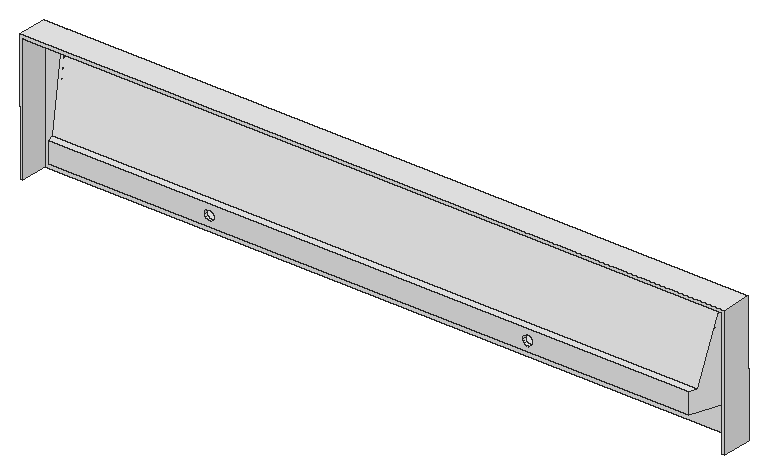
Revit family "xLavatory-Four_Station-Sloan-Designer_Weir_Series-DSWD-84000", category Plumbing Fixtures, host Face, Revit 2014 (continued)
Definition of nested family "Stainless Steel Basin Grate"
  Lines and regions (in)
    model lines, detail levels fine
      curve 393: line (-18.60117, -1.25, 0) -> (-18.60117, 1.25, 0)
      curve 394: line (-18.78867, -1.25, 0) -> (-18.78867, 1.25, 0)
      curve 395: line (-18.97617, -1.25, 0) -> (-18.97617, 1.25, 0)
      curve 396: line (-19.16367, -1.25, 0) -> (-19.16367, 1.25, 0)
      curve 397: line (-19.35117, -1.25, 0) -> (-19.35117, 1.25, 0)
      curve 398: line (-19.53867, -1.25, 0) -> (-19.53867, 1.25, 0)
      curve 399: line (-19.72617, -1.25, 0) -> (-19.72617, 1.25, 0)
      curve 400: line (-19.91367, -1.25, 0) -> (-19.91367, 1.25, 0)
      curve 401: line (-20.10117, -1.25, 0) -> (-20.10117, 1.25, 0)
      curve 402: line (-20.28867, -1.25, 0) -> (-20.28867, 1.25, 0)
      curve 403: line (-20.47617, -1.25, 0) -> (-20.47617, 1.25, 0)
      curve 404: line (-20.66367, -1.25, 0) -> (-20.66367, 1.25, 0)
      curve 405: line (-20.85117, -1.25, 0) -> (-20.85117, 1.25, 0)
      curve 406: line (-21.03867, -1.25, 0) -> (-21.03867, 1.25, 0)
      curve 407: line (-21.22617, -1.25, 0) -> (-21.22617, 1.25, 0)
      curve 408: line (-21.41367, -1.25, 0) -> (-21.41367, 1.25, 0)
      curve 409: line (-21.60117, -1.25, 0) -> (-21.60117, 1.25, 0)
      curve 410: line (-21.78867, -1.25, 0) -> (-21.78867, 1.25, 0)
      curve 411: line (-21.97617, -1.25, 0) -> (-21.97617, 1.25, 0)
      curve 412: line (-22.16367, -1.25, 0) -> (-22.16367, 1.25, 0)
      curve 413: line (-22.35117, -1.25, 0) -> (-22.35117, 1.25, 0)
      curve 414: line (-22.53867, -1.25, 0) -> (-22.53867, 1.25, 0)
      curve 415: line (-22.72617, -1.25, 0) -> (-22.72617, 1.25, 0)
      curve 416: line (-22.91367, -1.25, 0) -> (-22.91367, 1.25, 0)
      curve 417: line (-23.10117, -1.25, 0) -> (-23.10117, 1.25, 0)
      curve 418: line (-23.28867, -1.25, 0) -> (-23.28867, 1.25, 0)
      curve 419: line (-23.47617, -1.25, 0) -> (-23.47617, 1.25, 0)
      curve 420: line (-23.66367, -1.25, 0) -> (-23.66367, 1.25, 0)
      curve 421: line (-23.85117, -1.25, 0) -> (-23.85117, 1.25, 0)
      curve 422: line (-24.03867, -1.25, 0) -> (-24.03867, 1.25, 0)
      curve 423: line (-24.22617, -1.25, 0) -> (-24.22617, 1.25, 0)
      curve 424: line (-24.41367, -1.25, 0) -> (-24.41367, 1.25, 0)
      curve 425: line (-24.60117, -1.25, 0) -> (-24.60117, 1.25, 0)
      curve 426: line (-24.78867, -1.25, 0) -> (-24.78867, 1.25, 0)
      curve 427: line (-24.97617, -1.25, 0) -> (-24.97617, 1.25, 0)
      curve 428: line (-25.16367, -1.25, 0) -> (-25.16367, 1.25, 0)
      curve 429: line (-25.35117, -1.25, 0) -> (-25.35117, 1.25, 0)
      curve 430: line (-25.53867, -1.25, 0) -> (-25.53867, 1.25, 0)
      curve 431: line (-25.72617, -1.25, 0) -> (-25.72617, 1.25, 0)
      curve 432: line (-25.91367, -1.25, 0) -> (-25.91367, 1.25, 0)
      curve 433: line (-26.10117, -1.25, 0) -> (-26.10117, 1.25, 0)
      curve 434: line (-26.28867, -1.25, 0) -> (-26.28867, 1.25, 0)
      curve 435: line (-26.47617, -1.25, 0) -> (-26.47617, 1.25, 0)
      curve 436: line (-26.66367, -1.25, 0) -> (-26.66367, 1.25, 0)
      curve 437: line (-26.85117, -1.25, 0) -> (-26.85117, 1.25, 0)
      curve 438: line (-27.03867, -1.25, 0) -> (-27.03867, 1.25, 0)
      curve 439: line (-27.22617, -1.25, 0) -> (-27.22617, 1.25, 0)
      curve 440: line (-27.41367, -1.25, 0) -> (-27.41367, 1.25, 0)
      curve 441: line (-27.60117, -1.25, 0) -> (-27.60117, 1.25, 0)
      curve 442: line (-27.78867, -1.25, 0) -> (-27.78867, 1.25, 0)
      curve 443: line (-27.97617, -1.25, 0) -> (-27.97617, 1.25, 0)
      curve 444: line (-28.16367, -1.25, 0) -> (-28.16367, 1.25, 0)
      curve 445: line (-28.35117, -1.25, 0) -> (-28.35117, 1.25, 0)
      curve 446: line (-28.53867, -1.25, 0) -> (-28.53867, 1.25, 0)
      curve 447: line (-28.72617, -1.25, 0) -> (-28.72617, 1.25, 0)
      curve 448: line (-28.91367, -1.25, 0) -> (-28.91367, 1.25, 0)
      curve 449: line (-29.10117, -1.25, 0) -> (-29.10117, 1.25, 0)
      curve 450: line (-29.28867, -1.25, 0) -> (-29.28867, 1.25, 0)
      curve 451: line (-29.47617, -1.25, 0) -> (-29.47617, 1.25, 0)
      curve 452: line (-29.66367, -1.25, 0) -> (-29.66367, 1.25, 0)
      curve 453: line (-29.85117, -1.25, 0) -> (-29.85117, 1.25, 0)
      curve 454: line (-30.03867, -1.25, 0) -> (-30.03867, 1.25, 0)
      curve 455: line (-30.22617, -1.25, 0) -> (-30.22617, 1.25, 0)
      curve 456: line (-30.41367, -1.25, 0) -> (-30.41367, 1.25, 0)
      curve 457: line (-30.60117, -1.25, 0) -> (-30.60117, 1.25, 0)
      curve 458: line (-30.78867, -1.25, 0) -> (-30.78867, 1.25, 0)
      curve 459: line (-30.97617, -1.25, 0) -> (-30.97617, 1.25, 0)
      curve 460: line (-31.16367, -1.25, 0) -> (-31.16367, 1.25, 0)
      curve 461: line (-31.35117, -1.25, 0) -> (-31.35117, 1.25, 0)
      curve 462: line (-31.53867, -1.25, 0) -> (-31.53867, 1.25, 0)
      curve 463: line (-31.72617, -1.25, 0) -> (-31.72617, 1.25, 0)
      curve 464: line (-31.91367, -1.25, 0) -> (-31.91367, 1.25, 0)
      curve 465: line (-32.10117, -1.25, 0) -> (-32.10117, 1.25, 0)
      curve 466: line (-32.28867, -1.25, 0) -> (-32.28867, 1.25, 0)
      curve 467: line (-32.47617, -1.25, 0) -> (-32.47617, 1.25, 0)
      curve 468: line (-32.66367, -1.25, 0) -> (-32.66367, 1.25, 0)
      curve 469: line (-32.85117, -1.25, 0) -> (-32.85117, 1.25, 0)
      curve 470: line (-33.03867, -1.25, 0) -> (-33.03867, 1.25, 0)
      curve 471: line (-33.22617, -1.25, 0) -> (-33.22617, 1.25, 0)
      curve 472: line (-33.41367, -1.25, 0) -> (-33.41367, 1.25, 0)
      curve 473: line (-33.60117, -1.25, 0) -> (-33.60117, 1.25, 0)
      curve 474: line (-33.78867, -1.25, 0) -> (-33.78867, 1.25, 0)
      curve 475: line (-33.97617, -1.25, 0) -> (-33.97617, 1.25, 0)
      curve 476: line (-34.16367, -1.25, 0) -> (-34.16367, 1.25, 0)
      curve 477: line (-34.35117, -1.25, 0) -> (-34.35117, 1.25, 0)
      curve 478: line (-34.53867, -1.25, 0) -> (-34.53867, 1.25, 0)
      curve 479: line (-34.72617, -1.25, 0) -> (-34.72617, 1.25, 0)
      curve 480: line (-34.91367, -1.25, 0) -> (-34.91367, 1.25, 0)
      curve 481: line (-35.10117, -1.25, 0) -> (-35.10117, 1.25, 0)
      curve 482: line (-35.28867, -1.25, 0) -> (-35.28867, 1.25, 0)
      curve 483: line (-35.47617, -1.25, 0) -> (-35.47617, 1.25, 0)
      curve 484: line (-35.66367, -1.25, 0) -> (-35.66367, 1.25, 0)
      curve 485: line (-35.85117, -1.25, 0) -> (-35.85117, 1.25, 0)
      curve 486: line (-36.03867, -1.25, 0) -> (-36.03867, 1.25, 0)
      curve 487: line (-36.22617, -1.25, 0) -> (-36.22617, 1.25, 0)
      curve 488: line (-36.41367, -1.25, 0) -> (-36.41367, 1.25, 0)
      curve 489: line (-36.60117, -1.25, 0) -> (-36.60117, 1.25, 0)
      curve 490: line (-36.78867, -1.25, 0) -> (-36.78867, 1.25, 0)
      curve 491: line (-36.97617, -1.25, 0) -> (-36.97617, 1.25, 0)
      curve 492: line (-37.16367, -1.25, 0) -> (-37.16367, 1.25, 0)
      curve 493: line (-37.35117, -1.25, 0) -> (-37.35117, 1.25, 0)
      curve 494: line (-37.53867, -1.25, 0) -> (-37.53867, 1.25, 0)
      curve 495: line (-37.72617, -1.25, 0) -> (-37.72617, 1.25, 0)
      curve 496: line (-37.91367, -1.25, 0) -> (-37.91367, 1.25, 0)
      curve 497: line (-38.10117, -1.25, 0) -> (-38.10117, 1.25, 0)
      curve 498: line (-38.28867, -1.25, 0) -> (-38.28867, 1.25, 0)
      curve 499: line (-38.47617, -1.25, 0) -> (-38.47617, 1.25, 0)
      curve 500: line (-38.66367, -1.25, 0) -> (-38.66367, 1.25, 0)
      curve 501: line (-38.85117, -1.25, 0) -> (-38.85117, 1.25, 0)
      curve 502: line (-39.03867, -1.25, 0) -> (-39.03867, 1.25, 0)
      curve 503: line (-39.22617, -1.25, 0) -> (-39.22617, 1.25, 0)
      curve 504: line (-39.41367, -1.25, 0) -> (-39.41367, 1.25, 0)
      curve 505: line (-39.60117, -1.25, 0) -> (-39.60117, 1.25, 0)
      curve 506: line (-39.78867, -1.25, 0) -> (-39.78867, 1.25, 0)
      curve 507: line (-39.97617, -1.25, 0) -> (-39.97617, 1.25, 0)
      curve 508: line (-40.16367, -1.25, 0) -> (-40.16367, 1.25, 0)
      curve 509: line (-40.35117, -1.25, 0) -> (-40.35117, 1.25, 0)
      curve 510: line (-40.53867, -1.25, 0) -> (-40.53867, 1.25, 0)
      curve 511: line (-40.72617, -1.25, 0) -> (-40.72617, 1.25, 0)
      curve 512: line (-40.91367, -1.25, 0) -> (-40.91367, 1.25, 0)
      curve 513: line (-41.10117, -1.25, 0) -> (-41.10117, 1.25, 0)
      curve 514: line (-41.28867, -1.25, 0) -> (-41.28867, 1.25, 0)
      curve 515: line (-41.47617, -1.25, 0) -> (-41.47617, 1.25, 0)
      curve 516: line (-41.66367, -1.25, 0) -> (-41.66367, 1.25, 0)
      curve 517: line (-41.85117, -1.25, 0) -> (-41.85117, 1.25, 0)
      curve 518: line (-42.03867, -1.25, 0) -> (-42.03867, 1.25, 0)
      curve 519: line (-42.22617, -1.25, 0) -> (-42.22617, 1.25, 0)
      curve 520: line (-42.41367, -1.25, 0) -> (-42.41367, 1.25, 0)
      curve 521: line (-42.60117, -1.25, 0) -> (-42.60117, 1.25, 0)
      curve 522: line (-42.78867, -1.25, 0) -> (-42.78867, 1.25, 0)
      curve 523: line (-42.97617, -1.25, 0) -> (-42.97617, 1.25, 0)
      curve 524: line (-43.16367, -1.25, 0) -> (-43.16367, 1.25, 0)
      curve 525: line (-43.35117, -1.25, 0) -> (-43.35117, 1.25, 0)
      curve 526: line (-43.53867, -1.25, 0) -> (-43.53867, 1.25, 0)
      curve 527: line (-43.72617, -1.25, 0) -> (-43.72617, 1.25, 0)
      curve 528: line (-43.91367, -1.25, 0) -> (-43.91367, 1.25, 0)
      curve 529: line (-44.10117, -1.25, 0) -> (-44.10117, 1.25, 0)
      curve 530: line (-44.28867, -1.25, 0) -> (-44.28867, 1.25, 0)
      curve 531: line (-44.47617, -1.25, 0) -> (-44.47617, 1.25, 0)
      curve 532: line (-44.66367, -1.25, 0) -> (-44.66367, 1.25, 0)
      curve 533: line (-44.85117, -1.25, 0) -> (-44.85117, 1.25, 0)
      curve 534: line (-45.03867, -1.25, 0) -> (-45.03867, 1.25, 0)
      curve 535: line (-45.22617, -1.25, 0) -> (-45.22617, 1.25, 0)
      curve 536: line (-45.41367, -1.25, 0) -> (-45.41367, 1.25, 0)
      curve 537: line (-45.60117, -1.25, 0) -> (-45.60117, 1.25, 0)
      curve 538: line (-45.78867, -1.25, 0) -> (-45.78867, 1.25, 0)
      curve 539: line (-45.97617, -1.25, 0) -> (-45.97617, 1.25, 0)
      curve 540: line (-46.16367, -1.25, 0) -> (-46.16367, 1.25, 0)
      curve 541: line (-46.35117, -1.25, 0) -> (-46.35117, 1.25, 0)
      curve 542: line (-46.53867, -1.25, 0) -> (-46.53867, 1.25, 0)
      curve 543: line (-46.72617, -1.25, 0) -> (-46.72617, 1.25, 0)
      curve 544: line (-46.91367, -1.25, 0) -> (-46.91367, 1.25, 0)
      curve 545: line (-47.10117, -1.25, 0) -> (-47.10117, 1.25, 0)
      curve 546: line (-47.28867, -1.25, 0) -> (-47.28867, 1.25, 0)
      curve 547: line (-47.47617, -1.25, 0) -> (-47.47617, 1.25, 0)
      curve 548: line (-47.66367, -1.25, 0) -> (-47.66367, 1.25, 0)
      curve 549: line (-47.85117, -1.25, 0) -> (-47.85117, 1.25, 0)
      curve 550: line (-48.03867, -1.25, 0) -> (-48.03867, 1.25, 0)
      curve 551: line (-48.22617, -1.25, 0) -> (-48.22617, 1.25, 0)
      curve 552: line (-48.41367, -1.25, 0) -> (-48.41367, 1.25, 0)
      curve 553: line (-48.60117, -1.25, 0) -> (-48.60117, 1.25, 0)
      curve 554: line (-48.78867, -1.25, 0) -> (-48.78867, 1.25, 0)
      curve 555: line (-48.97617, -1.25, 0) -> (-48.97617, 1.25, 0)
      curve 556: line (-49.16367, -1.25, 0) -> (-49.16367, 1.25, 0)
      curve 557: line (-49.35117, -1.25, 0) -> (-49.35117, 1.25, 0)
      curve 558: line (-49.53867, -1.25, 0) -> (-49.53867, 1.25, 0)
      curve 559: line (-49.72617, -1.25, 0) -> (-49.72617, 1.25, 0)
      curve 560: line (-49.91367, -1.25, 0) -> (-49.91367, 1.25, 0)
      curve 561: line (-50.10117, -1.25, 0) -> (-50.10117, 1.25, 0)
      curve 562: line (-50.28867, -1.25, 0) -> (-50.28867, 1.25, 0)
      curve 563: line (-50.47617, -1.25, 0) -> (-50.47617, 1.25, 0)
      curve 564: line (-50.66367, -1.25, 0) -> (-50.66367, 1.25, 0)
      curve 565: line (-50.85117, -1.25, 0) -> (-50.85117, 1.25, 0)
      curve 566: line (-51.03867, -1.25, 0) -> (-51.03867, 1.25, 0)
      curve 567: line (-51.22617, -1.25, 0) -> (-51.22617, 1.25, 0)
      curve 568: line (-51.41367, -1.25, 0) -> (-51.41367, 1.25, 0)
      curve 569: line (-51.60117, -1.25, 0) -> (-51.60117, 1.25, 0)
      curve 570: line (-51.78867, -1.25, 0) -> (-51.78867, 1.25, 0)
      curve 571: line (-51.97617, -1.25, 0) -> (-51.97617, 1.25, 0)
      curve 572: line (-52.16367, -1.25, 0) -> (-52.16367, 1.25, 0)
      curve 573: line (-52.35117, -1.25, 0) -> (-52.35117, 1.25, 0)
      curve 574: line (-52.53867, -1.25, 0) -> (-52.53867, 1.25, 0)
      curve 575: line (-52.72617, -1.25, 0) -> (-52.72617, 1.25, 0)
      curve 576: line (-52.91367, -1.25, 0) -> (-52.91367, 1.25, 0)
      curve 577: line (-53.10117, -1.25, 0) -> (-53.10117, 1.25, 0)
      curve 578: line (-53.28867, -1.25, 0) -> (-53.28867, 1.25, 0)
      curve 579: line (-53.47617, -1.25, 0) -> (-53.47617, 1.25, 0)
      curve 580: line (-53.66367, -1.25, 0) -> (-53.66367, 1.25, 0)
      curve 581: line (-53.85117, -1.25, 0) -> (-53.85117, 1.25, 0)
      curve 582: line (-54.03867, -1.25, 0) -> (-54.03867, 1.25, 0)
      curve 583: line (-54.14883, -1.25, 0) -> (-54.14883, 1.25, 0)
